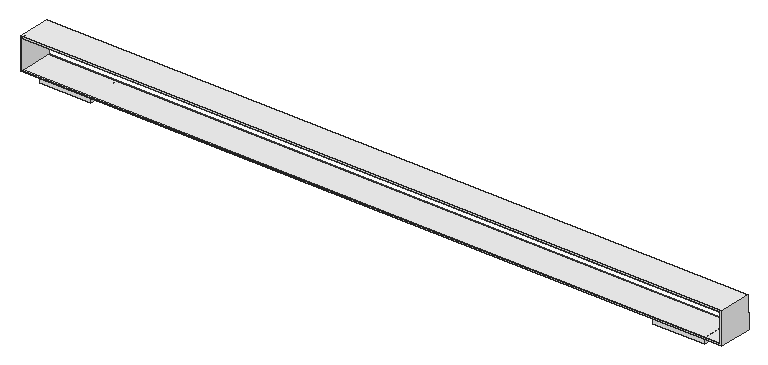
Revit family "4L-W-ID", category Lighting Fixtures, host Face, Revit 2014
Parameters (values of type "4L-W-ID-08")
  zz YesNo 2 = yes
  zz YesNo 1 = no
  Wattage = 4 W
  Warranty = "5-Years Warranty"  # constant formula
  built-in parameter 1150110 = 1 (stored number, unit not read)
  Voltage = 120 V
  Type Comments = "Lighting Fixture"  # constant formula
  built-in parameter 1114217 = 1 (stored number, unit not read)
  Tilt Angle = -90.00°
  built-in parameter 1150109 = 1 (stored number, unit not read)
  built-in parameter 1150134 = (empty or 0)
  built-in parameter 1150113 = 1 (stored number, unit not read)
  Product Page URL = "https://www.hubbell.com/litecontrol/en/Products/Lighting-Controls/Commercial-Indoor-Lighting/Wall-Mount/MOD-4L-LED-Wall-IndirectDirect/p/277667"
  Product Documentation Link = "https://hubbellcdn.com/specsheet/4L-W-ID.pdf"
  Power Factor = 1
  Photometric Web Link = "https://www.hubbell.com/litecontrol/en/Products/Lighting-Controls/Commercial-Indoor-Lighting/Wall-Mount/MOD-4L-LED-Wall-IndirectDirect/p/277667#prod-photometry-section"
  Photometric Web File = "4L-W-AD-4-ASYM-X-CX-35K-D030 (2).ies"
  Photometric Notes = "For more Photometric web files please find the photmetric web link"  # constant formula
  zz Length 1 = 8' - 0"
  Wattage Comments = ""
  URL = "https://www.hubbell.com/litecontrol/en/"
  Mounting = "Wall-Mount"  # constant formula
  Model = "MOD™ 4L LED Wall Indirect/Direct"  # constant formula
  Manufacturer = "Litecontrol Lighting"  # constant formula
  built-in parameter 1150105 = 39.789 (stored number, unit not read)
  Lumens = 500 lm
  built-in parameter 1150115 = 1 (stored number, unit not read)
  Load Classification = Lighting
  built-in parameter 1150137 = (empty or 0)
  built-in parameter 1150139 = (empty or 0)
  built-in parameter 1150112 = 1 (stored number, unit not read)
  built-in parameter 1150114 = 1 (stored number, unit not read)
  Lamp = "LED"  # constant formula
  built-in parameter 1150132 = (empty or 0)
  built-in parameter 1150102 = (empty or 0)
  built-in parameter 1150107 = 3500 (stored number, unit not read)
  built-in parameter 1150138 = (empty or 0)
  built-in parameter 1150106 = 0.39789 (stored number, unit not read)
  Glass = Glass - Hubbell - White
  Fixture Distribution = "Indirect/Direct"  # constant formula
  Emit from Rectangle Width = zz Length 1 - 0' 0 1/2"  # 7' - 11 1/2"
  Emit from Rectangle Length = 0' - 4"  # constant formula
  Emit Shape Visible in Rendering = no
  built-in parameter 1150104 = 11.613 (stored number, unit not read)
  Dimming Lamp Color Temperature Shift = <None>
  Diming Protocol = "0-10V, Lutron 2-Wire, Lutron 3-Wire, Lutron Ecosystem Digital, Step-dimming"  # constant formula
  Description = "The MOD™ 4L LED Wall Indirect/Direct (4L-W-ID) is part of the MODx family, which is an affordably-priced, full-featured offering with best-in-class attention to detail."  # constant formula
  Default Elevation = 4' - 0"
  Copyright = "Copyright © 2020 Litecontrol"  # constant formula
  Contact Us = "https://www.hubbell.com/litecontrol/en/contactUs"
  Color Filter = 16777215
  built-in parameter 1114218 = 1 (stored number, unit not read)
  Housing Material = Paint - Hubbell - Matte White
  built-in parameter 1150133 = 10 (stored number, unit not read)
  Assembly Code = "D5020200"
  Apparent Load = 0 VA
Types (7): name | zz YesNo 2 | zz YesNo 1 | Photometric Web File | zz Length 1 | Emit from Rectangle Width
  (no name) | yes | no | "4L-W-AD-4-ASYM-X-CX-35K-D030 (2).ies" | 8' - 0" | 7' - 11 1/2"
  4L-W-ID-02 | no | yes | "4L-W-AD-4-ASYM-X-CX-35K-D030.ies" | 2' - 0" | 1' - 11 1/2"
  4L-W-ID-03 | yes | no | "4L-W-AD-4-ASYM-X-CX-35K-D030.ies" | 3' - 0" | 2' - 11 1/2"
  4L-W-ID-04 | yes | no | "4L-W-AD-4-ASYM-X-CX-35K-D030.ies" | 4' - 0" | 3' - 11 1/2"
  4L-W-ID-05 | yes | no | "4L-W-AD-4-ASYM-X-CX-35K-D030.ies" | 5' - 0" | 4' - 11 1/2"
  4L-W-ID-06 | yes | no | "4L-W-AD-4-ASYM-X-CX-35K-D030.ies" | 6' - 0" | 5' - 11 1/2"
  4L-W-ID-08 | yes | no | "4L-W-AD-4-ASYM-X-CX-35K-D030 (2).ies" | 8' - 0" | 7' - 11 1/2"
Reference planes (in)
  plane 1 "Center (Front/Back)": y = 11.51342
  plane 2: z = 0
  plane 3 "Center (Left/Right)": x = 0
Dimensions and locks (in)
  aligned and locked: plane 2 to host face
  aligned and locked: level to host face
  aligned and locked: plane 3 "Center (Left/Right)" to imposter light
  aligned and locked: plane 3 "Center (Left/Right)" to nested 1
  aligned and locked: imposter light to plane 1 "Center (Front/Back)"
  aligned and locked: nested 1 to plane 2
Nested families (in)
  nested 1: "4L" at (-0.01104, 14.51342, 2.76501) x (1, 0, 0) z (0, -1, 0), Glass <- "Glass", Backbox <- "Housing Material", Length <- "zz Length 1", type "22-W"
    with W1 0' - 4", W 0' - 4 1/4", Length 8' - 0", Glass Glass - Hubbell - White, Backbox Paint - Hubbell - Matte White, zz YesNo 2 yes, zz YesNo 1 no
Connectors (in)
  electrical at (0, 12.26342, 0.68), driven by "Load Classification", driven by "Voltage", driven by "Apparent Load", driven by "Power Factor"
    settings: on nested 1, index 1, voltage 120 V, apparent load 0 VA, apparent load phase1 0 VA, apparent load phase2 0 VA, apparent load phase3 0 VA, power factor 1, load classification "Lighting", number of poles 1, system type 30, power factor state 1, is connector primary yes, connector utility no, sub classification motor no, connector description "Electrical Connector"
Definition of nested family "4L"
  Parameters (values of type "22-W")
    zz YesNo 2 = no
    zz YesNo 1 = yes
    Wattage Comments = ""
    W1 [instance] = 0' - 4"
    W [instance] = 0' - 4 1/4"
    URL = ""
    Model = ""
    Manufacturer = ""
    Length [instance] = 6' - 0"
    Lamp = ""
    Glass [instance] = none
    Description = ""
    Default Elevation = 4' - 0"
    Backbox [instance] = none
    Apparent Load = 0 VA
  Reference planes (in)
    plane 1 "Center (Front/Back)": y = 0.03999
    plane 2: z = 0
    plane 3 "Center (Left/Right)": x = 0.01104
    plane 4: z = 4.5
    plane 5: z = 1
    plane 6: x = -35.98896
    plane 7: x = 36.01104
    plane 8: x = -35.73896
    plane 9: x = 35.76104
    plane 10: y = 2.03999
    plane 11: y = -1.96001
    plane 12: y = -2.08501
    plane 13: y = 2.16499
    plane 14: z = 0.125
    plane 15: y = -2.76501
    plane 16: z = 4.375
    plane 17: x = -29.98896
    plane 18: x = -33.48896
    plane 19: x = -26.48896
    plane 20: x = 30.01104
    plane 21: x = 33.51104
    plane 22: x = 26.51104
    plane 23: x = -3.48896
    plane 24: x = 3.51104
  Forms (in)
    Extrusion 1, solid
      sketch origin (0, 0, 0.06357) x (1, 0, 0) y (0, 1, 0)
        loop
          line (-48, 48) -> (-48, -48) -> (48, -48) -> (48, 48) -> (-48, 48)
      from -0.06357 to -12.81105
    Extrusion 2, void
      sketch origin (-23.78896, 8.13374, 2) x (0, -1, 0) y (1, 0, 0)
        loop
          line (6.09375, -11.95) -> (10.09375, -11.95) -> (10.09375, 59.55) -> (6.09375, 59.55) -> (6.09375, -11.95)
      from 2.5 to -2
    Extrusion 3, solid, material <- "Backbox"
      sketch origin (0.01104, 0, 0) x (0, 1, 0) y (0, 0, 1)
        loop
          line (2.16499, 4.5) -> (-2.08501, 4.5) -> (-2.08501, 0) -> (2.16499, 0) -> (2.16499, 4.5)
      from -36 to 36
    Extrusion 4, solid, material <- "Glass"
      sketch origin (0, 0, 4.3125) x (0, -1, 0) y (1, 0, 0)
        loop
          line (-2.03999, -35.73896) -> (1.96001, -35.73896) -> (1.96001, 35.76104) -> (-2.03999, 35.76104) -> (-2.03999, -35.73896)
      from 0.0625 to 0.1875
    Extrusion 5, solid, material <- "Backbox", visible <- "zz YesNo 2"
      sketch origin (0.01104, 0, 0) x (0, 1, 0) y (0, 0, 1)
        loop
          line (-2.08501, 4.375) -> (-2.76501, 4.375) -> (-2.76501, 0.125) -> (-2.08501, 0.125) -> (-2.08501, 4.375)
      from 26.5 to 33.5
    Extrusion 6, solid, material <- "Backbox", visible <- "zz YesNo 2"
      sketch origin (0.01104, 0, 0) x (0, 1, 0) y (0, 0, -1)
        loop
          line (-2.08501, -4.375) -> (-2.08501, -0.125) -> (-2.76501, -0.125) -> (-2.76501, -4.375) -> (-2.08501, -4.375)
      from 26.5 to 33.5
    Extrusion 7, solid, material <- "Backbox", visible <- "zz YesNo 1"
      sketch origin (18.01104, 0, 0) x (0, 1, 0) y (0, 0, -1)
        loop
          line (-2.08501, -4.375) -> (-2.08501, -0.125) -> (-2.76501, -0.125) -> (-2.76501, -4.375) -> (-2.08501, -4.375)
      from 14.5 to 21.5
    Extrusion 8, solid, material <- "Glass"
      sketch origin (0, 0, -1.3125) x (1, 0, 0) y (0, 1, 0)
        loop
          line (-35.73896, 2.03999) -> (-35.73896, -1.96001) -> (35.76104, -1.96001) -> (35.76104, 2.03999) -> (-35.73896, 2.03999)
      from 1.3125 to 1.4375
  Cuts and joins
    Extrusion 2 cuts Extrusion 3
  Dimensions and locks (in)
    "Length": plane 7 to plane 6
    locked: plane 8 to plane 6 at 0.25
    locked: plane 7 to plane 9 at 0.25
    equal spacing: plane 7, plane 3 "Center (Left/Right)", plane 6
    plane 10 to plane 11 = 0' - 4"
    equal spacing: plane 10, plane 1 "Center (Front/Back)", plane 11
    "W": plane 12 to plane 13
    plane 12 to plane 1 "Center (Front/Back)" = 0' - 2 1/8"
    equal spacing: plane 13, plane 1 "Center (Front/Back)", plane 12
    plane 4 to plane 2 = 0' - 4 1/2"
    plane 14 to plane 2 = 0' - 0 1/8"
    locked: plane 5 to plane 2 at 1
    plane 12 to plane 15 = 0' - 0.68"
    locked: plane 4 to plane 16 at 0.125
    locked: plane 17 to plane 6 at 6
    plane 19 to plane 17 to plane 18 = 0' - 3 1/2" locked, 0' - 3 1/2" locked
    plane 21 to plane 20 to plane 22 = 0' - 3 1/2" locked, 0' - 3 1/2" locked
    plane 24 to plane 3 "Center (Left/Right)" to plane 23 = 0' - 3 1/2" locked, 0' - 3 1/2" locked
    locked: plane 20 to plane 7 at 6
    equal spacing: plane 11, plane 1 "Center (Front/Back)", plane 10
    "W1": plane 11 to plane 10
    aligned and locked: plane 2 to Extrusion 1
    aligned and locked: plane 10 to Extrusion 2 sketch curve
    aligned and locked: plane 11 to Extrusion 2 sketch curve
    aligned and locked: plane 4 to Extrusion 3 sketch curve
    aligned and locked: plane 13 to Extrusion 3 sketch curve
    aligned and locked: Extrusion 3 sketch curve to level
    aligned and locked: plane 12 to Extrusion 3 sketch curve
    aligned and locked: Extrusion 3 to plane 6
    aligned and locked: plane 7 to Extrusion 3
    aligned and locked: plane 9 to Extrusion 2
    aligned and locked: Extrusion 2 to plane 8
    aligned and locked: Extrusion 5 sketch curve to plane 14
    aligned and locked: plane 16 to Extrusion 5
    aligned and locked: Extrusion 5 to plane 14
    aligned and locked: Extrusion 5 to plane 12
    aligned and locked: Extrusion 5 to plane 21
    aligned and locked: Extrusion 5 to plane 22
    aligned and locked: Extrusion 6 to plane 18
    aligned and locked: Extrusion 6 to plane 19
    aligned and locked: Extrusion 7 to plane 23
    aligned and locked: Extrusion 7 to plane 24
    aligned and locked: plane 4 to Extrusion 4
    aligned and locked: Extrusion 4 to Extrusion 5
    aligned and locked: plane 4 to Extrusion 2
    aligned and locked: Extrusion 2 to level
    aligned and locked: plane 14 to Extrusion 8
    aligned and locked: Extrusion 8 to level
    aligned and locked: plane 15 to Extrusion 5
  Automatic sketch dimensions
    Extrusion 1 sketch curve to Extrusion 1 sketch curve = 8' - 0"  (x2)
    Extrusion 2 sketch curve to plane 8 = 0' - 0"
    Extrusion 2 sketch curve to plane 9 = 0' - 0"
    Extrusion 4 sketch curve to plane 9 = 0' - 0"
    plane 10 to Extrusion 4 sketch curve = 0' - 0"
    Extrusion 4 sketch curve to plane 8 = 0' - 0"
    Extrusion 4 sketch curve to plane 11 = 0' - 0"
    Extrusion 5 sketch curve to plane 15 = 0' - 0"
    Extrusion 5 sketch curve to plane 12 = 0' - 0"
    Extrusion 5 sketch curve to plane 16 = 0' - 0"
    Extrusion 6 sketch curve to plane 15 = 0' - 0"
    Extrusion 6 sketch curve to plane 12 = 0' - 0"
    Extrusion 6 sketch curve to plane 16 = 0' - 0"
    Extrusion 6 sketch curve to plane 14 = 0' - 0"
    Extrusion 7 sketch curve to plane 15 = 0' - 0"
    Extrusion 7 sketch curve to plane 12 = 0' - 0"
    Extrusion 7 sketch curve to plane 16 = 0' - 0"
    Extrusion 7 sketch curve to plane 14 = 0' - 0"
    Extrusion 8 sketch curve to plane 8 = 0' - 0"
    Extrusion 8 sketch curve to plane 9 = 0' - 0"
    Extrusion 8 sketch curve to plane 11 = 0' - 0"
    plane 10 to Extrusion 8 sketch curve = 0' - 0"
